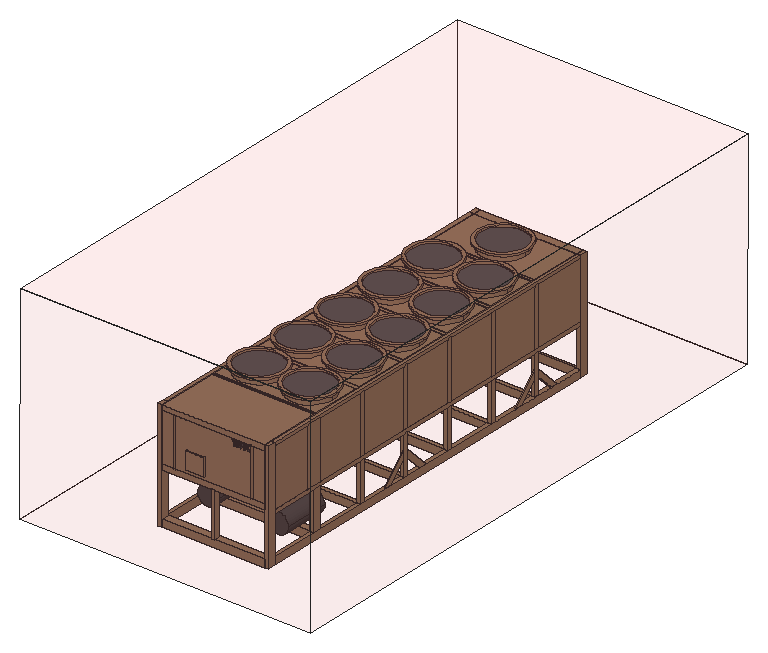
Revit family
Parameters (values of type "207 Ton - E - 200V/60Hz/3Ph")
  Width = 88 1/8"
  Water Supply Connection Offset Return _ On Center = 88 5/8"
  Water Return Connection Offset Front _ On Center = 112 5/16"
  Water Connection Offset Left = 28 1/8"
  Right Side Connections [instance] = not(Left Side Connections)  # no
  Refrigerant Used = "R-134A"
  Power Factor = 0.8  # constant formula
  Optional Sound Panels [instance] = no
  Number of Fans = 11
  Number of Compressors = 2  # constant formula
  Number of Circuits = 2  # constant formula
  Minimum Design Evaporator Flow = 0 GPM
  Maximum Design Evaporator Flow = 748 GPM
  Left Side Connections [instance] = yes
  Leaving Chilled Water Temperature [instance] = -459.67 °F
  Frame Finish = Paint - JCI - Powder - Brown
  Family Revision Date = "06/01/2010"  # constant formula
  Evaporator Water Connection Radius = Evaporator Water Connection Diameter / 2  # 5"
  Water Outlet Description = "Water Supply Connector"  # constant formula
  Water Inlet Description = "Water Return Connector"  # constant formula
  Water Connection Offset Bottom _ On Center = 20 3/8"
  Voltage = 0 V
  URL = "http://www.johnsoncontrols.com/publish/us/en.html"
  Twelve Fan Visibility = Refrigerant Charge System Two > 200.00 lbf  # no
  Total Cooling Capacity [instance] = 0.0 ton
  System Two Compressor One Running Load Current = 0 A
  System One Compressor One Running Load Current = 0 A
  Serial Number [instance] = ""
  Refrigerant Charge System Two = 192.00 lbf
  Refrigerant Charge System One = 225.00 lbf
  Product Page URL = "http://www.johnsoncontrols.com/publish/us/en/products/building_efficiency/integrated_hvac_systems/Industrial___Commercial_HVAC_Equipment/chiller_products/screw__air-cooled0.html"
  Product Documentation Link = "http://www.johnsoncontrols.com/publish/etc/medialib/jci/be/integrated_hvac_systems/hvac_equipment/chiller_products/aircooledscrew.Par.53612.File.dat/EngineeringGuide20123.pdf"
  Outdoor Ambient Temperature [instance] = -459.67 °F
  OmniClass Title = "Rotary-Screw Water Chillers"  # constant formula
  OmniClass Number = "23.75.10.24.21.21.21"  # constant formula
  Number of Poles = 3
  Nominal Cooling Capacity = 267.0 ton
  Model = "YCIV0207EV"
  Minimum Circuit Current = 0 A
  Maximum Overcurrent Protection = 0 A
  Manufacturer = "Johnson Controls, Inc."  # constant formula
  Length = 318"
  Keynote = "15700"
  Integrated Part Load Value = 0
  Height = 93 15/16"
  Frequency = 60 Hz  # constant formula
  Frame Material = Metal - York - Galvanized Steel
  Frame Height = Height - 6"  # 87 15/16"
  Fan Guard Material = Plastic - York - PVC - Coated
  Evaporator Water Volume = 110.0 gal
  Evaporator Water Connection Diameter = 10"
  Evaporator Radius = Water Connection Offset Bottom _ On Center - 6"  # 14 3/8"
  Evaporator Pressure Drop [instance] = 0.00 psi
  Evaporator Offset Left = Width / 2 - Water Connection Offset Left  # 15 15/16"
  Evaporator Material = Metal - York - Steel
  Evaporator Length = 110"  # constant formula
  Evaporator Angle [instance] = if(Left Side Connections, 0.00°, 180.00°)  # 0.00°
  Energy Efficiency Rating = 0
  Eleven Fan Visibility = Refrigerant Charge System Two < 200.00 lbf  # yes
  Electrical Connection Description = "Electrical Supply Connection"  # constant formula
  Description = "Air-Cooled Screw Compressor Liquid Chiller"  # constant formula
  Copyright © = "Copyright © 2001-2009 Johnson Controls"  # constant formula
  Control KVA = 1.8 kVA  # 1800 VA
  Connection Angle [instance] = if(Left Side Connections, 180.00°, 0.00°)  # 180.00°
  Condenser Fins per Inch = 17  # constant formula
  Condenser Fan Full Load Current = 0 A
  Condenser Coil Row Count = 3  # constant formula
  Compressor Power [instance] = 0 kVA
  Compressor Material = Metal - York - Steel - Black Coated
  Clearance Visible [instance] = yes
  Clearance Offset Top = 72"  # constant formula
  Clearance Offset Right = 72"  # constant formula
  Clearance Offset Left = 72"  # constant formula
  Clearance Offset Front = 48"  # constant formula
  Clearance Offset Bottom = 0"  # constant formula
  Clearance Offset Back = 72"  # constant formula
  Assembly Code = "D3030100"
  Apparent Load = 1800 VA
  Actual Evaporator Supply Flow [instance] = 0 GPM
  Actual Evaporator Return Flow [instance] = 0 GPM
Reference planes (in)
  plane 1 "Center (Front/Back)": y = -5
  plane 2 "Bottom": z = 0
  plane 3 "Center (Left/Right)": x = -3.09675
  plane 4 "Left": x = -47.15925
  plane 5 "Right": x = 40.96575
  plane 6 "Back": y = 154
  plane 7 "Front": y = -164
  plane 8 "Top": z = 93.9375
  plane 9 "Fan Row One": y = -92.48125
  plane 10 "Fan Row Two": y = -48.8125
  plane 11 "Fan Row Three": y = -5.15625
  plane 12 "Fan Row Four": y = 38.5
  plane 13 "Fan Column One": x = -23.628
  plane 14 "Fan Column Two": x = 17.4345
  plane 15 "Logo Inset": x = 18.4345
  plane 16 "Logo Elevation": z = 82.9375
  plane 17 "Frame Floor": z = 6
  plane 18 "Water In Depth": y = -51.6875
  plane 19 "Water Out Depth": y = 36.9375
  plane 20 "Water Connectors Inside Depth": x = -19.03425
  plane 21 "Water Connection Height": z = 20.375
  plane 22 "Compressors": y = -98
  plane 23 "Fan Row Five": y = 82.15625
  plane 24 "Fan Row Six": y = 125.8125
  plane 25 "Frame Top": z = 87.9375
  plane 26 "Middle Frame": z = 37
  plane 27 "Front Frame Middle": z = 41.3125
  plane 28 "Top Frame Bottom": z = 83.9375
Forms (in)
  Revolve 1, void
    sketch origin (0, 36.9375, 0) x (-1, 0, 0) y (0, 0, 1)
      loop
        line (19.03425, 20.375) -> (17.78425, 20.375) -> (17.78425, 18.625) -> (19.03425, 18.625) -> (19.03425, 20.375)
      axis (17.78425, 20.375) -> (19.03425, 20.375)
    angle from 0 to 360
  Revolve 2, void
    sketch origin (0, -51.6875, 0) x (-1, 0, 0) y (0, 0, 1)
      loop
        line (19.03425, 20.375) -> (19.03425, 22.125) -> (17.78425, 22.125) -> (17.78425, 20.375) -> (19.03425, 20.375)
      axis (17.78425, 20.375) -> (19.03425, 20.375)
    angle from 0 to 360
Dimensions and locks (in)
  equal spacing: plane 4 "Left", plane 3 "Center (Left/Right)", plane 5 "Right"
  "Width": plane 4 "Left" to plane 5 "Right"
  equal spacing: plane 6 "Back", plane 1 "Center (Front/Back)", plane 7 "Front"
  "Length": plane 6 "Back" to plane 7 "Front"
  "Height": plane 8 "Top" to plane 2 "Bottom"
  locked: plane 7 "Front" to plane 9 "Fan Row One" at 71.51875
  locked: plane 9 "Fan Row One" to plane 10 "Fan Row Two" at 43.66875
  locked: plane 10 "Fan Row Two" to plane 11 "Fan Row Three" at 43.65625
  locked: plane 11 "Fan Row Three" to plane 12 "Fan Row Four" at 43.65625
  locked: plane 14 "Fan Column Two" to plane 5 "Right" at 23.53125
  locked: plane 4 "Left" to plane 13 "Fan Column One" at 23.53125
  locked: plane 8 "Top" to plane 16 "Logo Elevation" at 11
  locked: plane 17 "Frame Floor" to plane 2 "Bottom" at 6
  "Water Return Connection Offset Front _ On Center": plane 18 "Water In Depth" to plane 7 "Front"
  "Water Supply Connection Offset Return _ On Center": plane 19 "Water Out Depth" to plane 18 "Water In Depth"
  "Water Connection Offset Left": plane 4 "Left" to plane 20 "Water Connectors Inside Depth"
  "Water Connection Offset Bottom _ On Center": plane 21 "Water Connection Height" to plane 2 "Bottom"
  locked: plane 7 "Front" to plane 22 "Compressors" at 66
  locked: plane 12 "Fan Row Four" to plane 23 "Fan Row Five" at 43.65625
  locked: plane 23 "Fan Row Five" to plane 24 "Fan Row Six" at 43.65625
  locked: plane 15 "Logo Inset" to plane 5 "Right" at 22.53125
  "Frame Height": plane 25 "Frame Top" to plane 2 "Bottom"
  "Evaporator Offset Left": Revolve 1 sketch curve to Revolve 1 sketch curve
  locked: Revolve 1 sketch curve to Revolve 1 sketch curve at 1.25
  locked: Revolve 1 sketch curve to Revolve 1 sketch curve at 1.75
  locked: Revolve 2 sketch curve to Revolve 2 sketch curve at 1.25
  locked: Revolve 2 sketch curve to Revolve 2 sketch curve at 1.75
  "Evaporator Angle": angle nested 10 to plane 21 "Water Connection Height"
  "Connection Angle": angle plane 21 "Water Connection Height" to Revolve 1 sketch curve
  locked: Revolve 1 sketch curve to Revolve 1 sketch curve (angle 90.00°)  (x4)
  "Connection Angle": angle plane 21 "Water Connection Height" to Revolve 2 sketch curve
  locked: Revolve 2 sketch curve to Revolve 2 sketch curve (angle 90.00°)  (x4)
  aligned and locked: nested 1 to plane 13 "Fan Column One"
  aligned and locked: nested 1 to plane 9 "Fan Row One"
  aligned and locked: nested 2 to plane 9 "Fan Row One"
  aligned and locked: nested 2 to plane 14 "Fan Column Two"
  aligned and locked: nested 8 to plane 12 "Fan Row Four"
  aligned and locked: nested 7 to plane 12 "Fan Row Four"
  aligned and locked: nested 6 to plane 11 "Fan Row Three"
  aligned and locked: nested 5 to plane 11 "Fan Row Three"
  aligned and locked: nested 3 to plane 10 "Fan Row Two"
  aligned and locked: nested 4 to plane 10 "Fan Row Two"
  aligned and locked: nested 8 to plane 14 "Fan Column Two"
  aligned and locked: nested 5 to plane 14 "Fan Column Two"
  aligned and locked: nested 4 to plane 14 "Fan Column Two"
  aligned and locked: nested 7 to plane 13 "Fan Column One"
  aligned and locked: nested 6 to plane 13 "Fan Column One"
  aligned and locked: nested 3 to plane 13 "Fan Column One"
  aligned and locked: plane 16 "Logo Elevation" to nested 9
  aligned and locked: plane 7 "Front" to nested 9
  aligned and locked: nested 9 to plane 15 "Logo Inset"
  aligned and locked: nested 10 to plane 18 "Water In Depth"
  aligned and locked: nested 10 to plane 3 "Center (Left/Right)"
  aligned and locked: plane 17 "Frame Floor" to nested 11
  aligned and locked: plane 17 "Frame Floor" to nested 12
  aligned and locked: nested 11 to plane 22 "Compressors"
  aligned and locked: nested 12 to plane 22 "Compressors"
  aligned and locked: plane 14 "Fan Column Two" to nested 12
  aligned and locked: plane 13 "Fan Column One" to nested 11
  aligned and locked: nested 13 to plane 23 "Fan Row Five"
  aligned and locked: nested 13 to plane 13 "Fan Column One"
  aligned and locked: nested 14 to plane 23 "Fan Row Five"
  aligned and locked: nested 14 to plane 14 "Fan Column Two"
  aligned and locked: nested 15 to plane 24 "Fan Row Six"
  aligned and locked: plane 6 "Back" to nested 16
  aligned and locked: plane 4 "Left" to nested 16
  aligned and locked: plane 17 "Frame Floor" to nested 16
  aligned and locked: plane 3 "Center (Left/Right)" to nested 15
  aligned and locked: nested 17 to plane 6 "Back"
  aligned and locked: nested 17 to plane 4 "Left"
  aligned and locked: plane 2 "Bottom" to nested 18
  aligned and locked: nested 18 to plane 4 "Left"
  aligned and locked: plane 19 "Water Out Depth" to nested 19
  aligned and locked: plane 3 "Center (Left/Right)" to nested 19
  aligned and locked: plane 8 "Top" to nested 2
  aligned and locked: plane 8 "Top" to nested 1
  aligned and locked: plane 8 "Top" to nested 4
  aligned and locked: plane 8 "Top" to nested 3
  aligned and locked: plane 8 "Top" to nested 5
  aligned and locked: plane 8 "Top" to nested 6
  aligned and locked: plane 8 "Top" to nested 8
  aligned and locked: plane 8 "Top" to nested 7
  aligned and locked: plane 8 "Top" to nested 14
  aligned and locked: plane 8 "Top" to nested 13
  aligned and locked: plane 8 "Top" to nested 15
  aligned and locked: plane 8 "Top" to nested 21
  aligned and locked: nested 21 to plane 24 "Fan Row Six"
  aligned and locked: plane 8 "Top" to nested 20
  aligned and locked: nested 20 to plane 24 "Fan Row Six"
  aligned and locked: nested 21 to plane 14 "Fan Column Two"
  aligned and locked: nested 20 to plane 13 "Fan Column One"
  aligned and locked: nested 22 to plane 1 "Center (Front/Back)"
  aligned and locked: nested 22 to plane 3 "Center (Left/Right)"
  aligned and locked: nested 22 to plane 2 "Bottom"
  aligned and locked: plane 21 "Water Connection Height" to nested 10
  aligned and locked: plane 3 "Center (Left/Right)" to Revolve 1 sketch curve
  aligned and locked: plane 21 "Water Connection Height" to Revolve 1 sketch curve
  aligned and locked: plane 21 "Water Connection Height" to Revolve 2 sketch curve
  aligned and locked: plane 3 "Center (Left/Right)" to Revolve 2 sketch curve
  aligned and locked: Revolve 2 sketch curve to Revolve 2 sketch curve
  aligned and locked: nested 23 to plane 2 "Bottom"
  aligned and locked: nested 23 to plane 3 "Center (Left/Right)"
  aligned and locked: plane 6 "Back" to nested 24
  aligned and locked: nested 24 to plane 3 "Center (Left/Right)"
  aligned and locked: plane 3 "Center (Left/Right)" to nested 25
  aligned and locked: nested 25 to plane 19 "Water Out Depth"
  aligned and locked: nested 25 to plane 21 "Water Connection Height"
Automatic sketch dimensions
  Revolve 1 sketch curve to plane 21 "Water Connection Height" = 0"
  Revolve 1 sketch curve to Revolve 1 sketch curve = 0"
  Revolve 2 sketch curve to plane 21 "Water Connection Height" = 0"
Nested families (in)
  nested 1: "Fan_Guard-York-YCIV" at (-23.628, -92.48125, 87.9375), type "Fan Guard"
  nested 2: "Fan_Guard-York-YCIV" at (17.4345, -92.48125, 87.9375), type "Fan Guard"
  nested 3: "Fan_Guard-York-YCIV" at (-23.628, -48.8125, 87.9375), type "Fan Guard"
  nested 4: "Fan_Guard-York-YCIV" at (17.4345, -48.8125, 87.9375), type "Fan Guard"
  nested 5: "Fan_Guard-York-YCIV" at (17.4345, -5.15625, 87.9375), type "Fan Guard"
  nested 6: "Fan_Guard-York-YCIV" at (-23.628, -5.15625, 87.9375), type "Fan Guard"
  nested 7: "Fan_Guard-York-YCIV" at (-23.628, 38.5, 87.9375), type "Fan Guard"
  nested 8: "Fan_Guard-York-YCIV" at (17.4345, 38.5, 87.9375), type "Fan Guard"
  nested 9: "Logo-York-YCAV Lettering" at (18.4345, -164.25, 78.9375), type "Logo"
  nested 10: "Evaporator-York-Small" at (-3.09675, -7.375, 20.375) x (-1, 0, 0) z (0, 0, 1), type "Evaporator"
    with Width 88 5/8", Water Pipe Radius 5", Water Connection Offset Right 15 15/16", Length 110", Evaporator Radius 14 3/8"
  nested 11: "Compressor-York-Screw" at (-31.628, -116, 6), type "Compressor"
  nested 12: "Compressor-York-Screw" at (25.4345, -116, 6), type "Compressor"
  nested 13: "Fan_Guard-York-YCIV" at (-23.628, 82.15625, 87.9375), type "Fan Guard"
  nested 14: "Fan_Guard-York-YCIV" at (17.4345, 82.15625, 87.9375), type "Fan Guard"
  nested 15: "Fan_Guard-York-YCIV" at (-3.09675, 125.8125, 87.9375), visible <- "Eleven Fan Visibility", type "Fan Guard"
  nested 16: "Box_Frame-York-YCIV-6_Row" at (-3.09675, -5, 0), type "6 Row Box"
    with Sound Option no
  nested 17: "Liquid Chiller, Direct Expansion Plan View" at (-40.62702, 5.59431, 0), visible <- "Left Side Connections", type "Liquid Chiller, Direct Expansion"
    with Width 318", Water In Pipe Gap 112 5/16", Pipe Gap 88 5/8", Arrow Width 13.5375", Arrow Length 40.6125", Arrow Height 3.38438", Arrow Depth 20.30625"
  nested 18: "Liquid Chiller, Direct Expansion Right View" at (-33.23038, -5, 29.96931) x (1, 0, 0) z (0, -1, 0), visible <- "Left Side Connections", type "Liquid Chiller, Direct Expansion Right View"
    with Pipe Height 20 3/8", Pipe Depth 44 1/16", Height 87 15/16", Depth 88 1/8", Arrow Width 4.40156", Arrow Length 17.60625", Arrow Height 1.10039", Arrow Depth 8.80313"
  nested 19: "Liquid Chiller, Direct Expansion 3_D" at (-25.128, -7.375, 0) x (0, -1, 0) z (0, 0, 1), visible <- "Left Side Connections", type "Liquid Chiller, Direct Expansion 3_D"
    with Width 88 5/8", Right Pipe Elevation 20 3/8", Left Pipe Elevation 20 3/8", Depth 44 1/16"
  nested 20: "Fan_Guard-York-YCIV" at (-23.628, 125.8125, 87.9375), visible <- "Twelve Fan Visibility", type "Fan Guard"
  nested 21: "Fan_Guard-York-YCIV" at (17.4345, 125.8125, 87.9375), visible <- "Twelve Fan Visibility", type "Fan Guard"
  nested 22: "Include Clearance" at (-3.09675, -5, 0), visible <- "Clearance Visible", type "Include Clearance"
    with Width 88 1/8", Height 93 15/16", Depth 318", Clearance Top 72", Clearance Right 72", Clearance Left 72", Clearance Front 48", Clearance Bottom 0", Clearance Back 72"
  nested 23: "Liquid Chiller, Direct Expansion Right View" at (27.03689, -5, 29.96931) x (-1, 0, 0) z (0, -1, 0), visible <- "Right Side Connections", type "Liquid Chiller, Direct Expansion Right View"
    with Pipe Height 20 3/8", Pipe Depth 44 1/16", Height 87 15/16", Depth 88 1/8", Arrow Width 4.40156", Arrow Length 17.60625", Arrow Height 1.10039", Arrow Depth 8.80313"
  nested 24: "Liquid Chiller, Direct Expansion Plan View" at (34.43353, 5.59431, 0) x (-1, 0, 0) z (0, 0, 1), visible <- "Right Side Connections", type "Liquid Chiller, Direct Expansion"
    with Width 318", Water In Pipe Gap 112 5/16", Pipe Gap 88 5/8", Arrow Width 13.5375", Arrow Length 40.6125", Arrow Height 3.38438", Arrow Depth 20.30625"
  nested 25: "Liquid Chiller, Direct Expansion 3_D" at (18.9345, -7.375, 0) x (0, -1, 0) z (0, 0, 1), visible <- "Right Side Connections", type "Liquid Chiller, Direct Expansion 3_D"
    with Width 88 5/8", Right Pipe Elevation 20 3/8", Left Pipe Elevation 20 3/8", Depth 44 1/16"
Connectors (in)
  electrical at (-14.0625, -165, 55.3125), driven by "Power Factor", driven by "Voltage", driven by "Number of Poles", driven by "Electrical Connection Description", driven by "Apparent Load"
    settings: on nested 16, index 3
  piping at (-19.03425, 36.9375, 20.375), driven by "Actual Evaporator Supply Flow", driven by "Evaporator Pressure Drop", driven by "Evaporator Water Connection Radius", driven by "Water Outlet Description"
    settings: on Revolve 1, index 4
  piping at (-19.03425, -51.6875, 20.375), driven by "Actual Evaporator Return Flow", driven by "Evaporator Water Connection Radius", driven by "Water Inlet Description"
    settings: on Revolve 2, index 5
Definition of nested family "Fan_Guard-York-YCIV"
  Parameters (values of type "Fan Guard")
    Width = 40 11/16"  # constant formula
    Model = "York YCIV Fan Guard"  # constant formula
    Manufacturer = "York"  # constant formula
    Box Frame Material = Metal - York - Galvanized Steel
    Assembly Code = ""
  Reference planes (in)
    plane 1 "Center (Front/Back)": y = 0
    plane 2 "Fan Guard Bottom": z = 0
    plane 3 "Center (Left/Right)": x = 0
    plane 4 "Fan Guard Top": z = 4.6875
    plane 5 "Fan Rim Top": z = 6
    plane 6 "Front": y = -20.34375
    plane 7 "Back": y = 20.34375
    plane 8 "Back Inset": y = 17.90625
    plane 9 "Front Inset": y = -17.9
    plane 10 "Left": x = -20.34375
    plane 11 "Right Inset": x = 17.89844
    plane 12 "Right": x = 20.34375
    plane 13 "Left Inset": x = -17.89844
  Forms (in)
    Sweep 1, solid, material "Metal - York - Galvanized Steel" <- "Box Frame Material", detail levels fine
      path origin (0, 0, 0) x (1, 0, 0) y (0, 0, 1)
        loop
          line (0, 0) -> (0, 4.6875)
      profile origin (0, 0, 2.34375) x (-1, 0, 0) y (0, -1, 0)
        loop
          circle (0, 0) r 17.90625
    Sweep 2, solid, material "Metal - York - Galvanized Steel" <- "Box Frame Material", detail levels fine
      path origin (0, 0, 0) x (1, 0, 0) y (0, 0, 1)
        loop
          line (0, 4.6875) -> (0, 6)
      profile origin (0, 0, 5.34375) x (-1, 0, 0) y (0, -1, 0)
        loop
          circle (0, 0) r 20.25
        loop
          circle (0, 0) r 17.90625
  Lines and regions (in)
    Masking region 1, detail levels fine
      outline origin (0, 0, 0) x (1, 0, 0) y (0, 0, 1)
        loop
          line (20.34375, 6) -> (-20.34375, 6) -> (-20.34375, 4.6875) -> (20.34375, 4.6875) -> (20.34375, 6)
    Masking region 2, detail levels medium+fine
      outline origin (0, 0, 0) x (1, 0, 0) y (0, 0, 1)
        loop
          line (17.89844, 4.6875) -> (-17.89844, 4.6875) -> (-17.89844, 0) -> (17.89844, 0) -> (17.89844, 4.6875)
    Masking region 3, detail levels fine
      outline origin (0, 0, 0) x (0, 1, 0) y (0, 0, 1)
        loop
          line (20.34375, 6) -> (-20.34375, 6) -> (-20.34375, 4.6875) -> (20.34375, 4.6875) -> (20.34375, 6)
    Masking region 4, detail levels medium+fine
      outline origin (0, 0, 0) x (0, 1, 0) y (0, 0, 1)
        loop
          line (17.90625, 4.6875) -> (-17.9, 4.6875) -> (-17.9, 0) -> (17.90625, 0) -> (17.90625, 4.6875)
    symbolic lines, style "Fan Guard Medium", detail levels medium+fine
      curve 1: circle (0, 0, 0) r 20.25 normal (0, 0, 1)
    symbolic lines, style "Fan Guard Fine", detail levels fine
      curve 2: circle (0, 0, 0) r 18 normal (0, 0, 1)
    model lines, style "Fan Guard Fine", detail levels medium
      curve 3: circle (0, 0, 4.6875) r 17.90625 normal (0, 0, 1)
      curve 4: circle (0, 0, 0) r 17.90625 normal (0, 0, 1)
  Dimensions and locks (in)
    locked: plane 5 "Fan Rim Top" to plane 2 "Fan Guard Bottom" at 6
    locked: plane 5 "Fan Rim Top" to plane 4 "Fan Guard Top" at 1.3125
    equal spacing: plane 6 "Front", plane 1 "Center (Front/Back)", plane 7 "Back"
    "Width": plane 6 "Front" to plane 7 "Back"
    equal spacing: plane 10 "Left", plane 3 "Center (Left/Right)", plane 12 "Right"
    "Width": plane 10 "Left" to plane 12 "Right"
    locked: plane 6 "Front" to plane 9 "Front Inset" at 2.44375
    locked: plane 8 "Back Inset" to plane 7 "Back" at 2.4375
    locked: plane 10 "Left" to plane 13 "Left Inset" at 2.44531
    locked: plane 11 "Right Inset" to plane 12 "Right" at 2.44531
    locked: plane 1 "Center (Front/Back)" to Sweep 1 sketch curve at 17.90625
    locked: plane 3 "Center (Left/Right)" to Sweep 1 sketch curve at 17.90625
    locked: plane 1 "Center (Front/Back)" to Sweep 2 sketch curve at 17.90625
    locked: plane 3 "Center (Left/Right)" to Sweep 2 sketch curve at 17.90625
    locked: plane 3 "Center (Left/Right)" to Sweep 2 sketch curve at 20.25
    locked: Sweep 2 sketch curve to plane 1 "Center (Front/Back)" at 20.25
    locked: plane 1 "Center (Front/Back)" to curve 2 at 18
    locked: plane 3 "Center (Left/Right)" to curve 2 at 18
    locked: curve 1 to plane 1 "Center (Front/Back)" at 20.25
    locked: curve 1 to plane 3 "Center (Left/Right)" at 20.25
    plane 1 "Center (Front/Back)" to curve 3 = 17 29/32"
    plane 3 "Center (Left/Right)" to curve 3 = 17 29/32"
    radius of curve 3 = 17 29/32"
    aligned and locked: Masking region 2 to plane 2 "Fan Guard Bottom"
    aligned and locked: plane 4 "Fan Guard Top" to Sweep 1
    aligned and locked: plane 4 "Fan Guard Top" to Sweep 1 sketch curve
    aligned and locked: plane 2 "Fan Guard Bottom" to Sweep 1 sketch curve
    aligned and locked: plane 4 "Fan Guard Top" to Masking region 4 sketch curve
    aligned and locked: plane 9 "Front Inset" to Masking region 4 sketch curve
    aligned and locked: Masking region 4 sketch curve to plane 8 "Back Inset"
    aligned and locked: Masking region 4 sketch curve to plane 2 "Fan Guard Bottom"
    aligned and locked: plane 6 "Front" to Masking region 3 sketch curve
    aligned and locked: Masking region 3 sketch curve to plane 4 "Fan Guard Top"
    aligned and locked: plane 5 "Fan Rim Top" to Masking region 3 sketch curve
    aligned and locked: Masking region 3 sketch curve to plane 7 "Back"
    aligned and locked: Masking region 2 sketch curve to plane 2 "Fan Guard Bottom"
    aligned and locked: plane 5 "Fan Rim Top" to Masking region 1 sketch curve
    aligned and locked: Masking region 1 sketch curve to plane 12 "Right"
    aligned and locked: plane 5 "Fan Rim Top" to Sweep 2 sketch curve
    aligned and locked: plane 4 "Fan Guard Top" to Sweep 2 sketch curve
    aligned and locked: plane 3 "Center (Left/Right)" to Sweep 2 sketch curve
    aligned and locked: plane 13 "Left Inset" to Masking region 2 sketch curve
    aligned and locked: Masking region 2 sketch curve to plane 11 "Right Inset"
    aligned and locked: plane 10 "Left" to Masking region 1 sketch curve
    aligned and locked: Masking region 1 sketch curve to plane 4 "Fan Guard Top"
    aligned and locked: curve 4 to Sweep 2
    aligned and locked: curve 3 to Sweep 2
    aligned and locked: plane 4 "Fan Guard Top" to Masking region 2
  Automatic sketch dimensions
    Sweep 1 sketch curve to plane 3 "Center (Left/Right)" = 0"
    plane 4 "Fan Guard Top" to Masking region 2 sketch curve = 0"
    Sweep 1 sketch curve to plane 1 "Center (Front/Back)" = 0"
    Sweep 2 sketch curve to Sweep 2 sketch curve = 0"
    Sweep 2 sketch curve to profile plane = 0"
    curve 1 to curve 2 = 0"
    curve 2 to plane 3 "Center (Left/Right)" = 0"
Definition of nested family "Logo-York-YCAV Lettering"
  Parameters (values of type "Logo")
    Model = "York Logo"  # constant formula
    Manufacturer = "York"  # constant formula
    Lettering Finish = Paint - York - Black
    Assembly Code = ""
  Reference planes (in)
    plane 1 "Center (Front/Back)": y = 0
    plane 2 "Lettering Bottom": z = 0
    plane 3 "Center (Left/Right)": x = 0
    plane 4 "Lettering Top": z = 4
    plane 5 "R Left": x = 0.25
    plane 6 "R Outside Right Leg": x = 3.75
    plane 7 "Left K": x = 4
    plane 8 "Right": x = 7.5
    plane 9 "R Left Inside": x = 1
    plane 10 "Y Top Point Right Outside": x = -2.98185
    plane 11 "Y Top Point Right Inside": x = -3.76815
    plane 12 "Left": x = -6.52542
    plane 13 "Back": y = 0.25
    plane 14 "Top Point of Y Left": x = -5.75
    plane 15 "Y Center": x = -4.75
    plane 16 "Y Left": x = -5.125
    plane 17 "Y Right": x = -4.375
    plane 18 "O Center": x = -1.75
    plane 19 "Y Top V": z = 2.57185
    plane 20 "R Right Inside Points": x = 2.68153
    plane 21 "R Right Inside Points Top": x = 2.75
    plane 22 "R Right Leg Inside": x = 3
    plane 23: x = 3.46911
    plane 24 "K Left Inside": x = 4.75
    plane 25 "Bottom K Point": x = 5.30549
    plane 26 "Right K Inside Point": x = 5.91136
    plane 27 "Top K Inside Point": x = 6.375
    plane 28 "Bottom K Inside Point": x = 6.58116
    plane 29 "Bottom of Inside R": z = 2.375
    plane 30 "Top of Bottom R": z = 1.625
    plane 31 "Left Point of Bottom K": z = 1.25
    plane 32 "Top Point of Bottom K": z = 1.82185
    plane 33 "Y Outside Edge Point": z = 2
    plane 34 "Top of R Inside": z = 3.25
  Forms (in)
    Extrusion 1, solid, material "Paint - York - Black" <- "Lettering Finish", detail levels fine
      sketch origin (1, 0, 0) x (1, 0, 0) y (0, 0, 1)
        loop
          line (-7.52542, 4) -> (-6.125, 2) -> (-6.125, 0) -> (-5.375, 0) -> (-5.375, 2) -> (-4, 4) -> (-4.76815, 4) -> (-5.75, 2.57185) -> (-6.75, 4) -> (-7.52542, 4)
      from 0 to -0.25
    Extrusion 2, solid, material "Paint - York - Black" <- "Lettering Finish", detail levels fine
      sketch origin (0.25, 0, 0) x (1, 0, 0) y (0, 0, 1)
        loop
          spline (-2, 0) -> (-1.54707, 0.06815) -> (-1.125, 0.26795) -> (-0.76256, 0.58579) -> (-0.48446, 1) -> (-0.30963, 1.48236) -> (-0.25, 2) -> (-0.30963, 2.51764) -> (-0.48446, 3) -> (-0.76256, 3.41421) -> (-1.125, 3.73205) -> (-1.54707, 3.93185) -> (-2, 4)
          spline (-2, 4) -> (-2.45293, 3.93185) -> (-2.875, 3.73205) -> (-3.23744, 3.41421) -> (-3.51554, 3) -> (-3.69037, 2.51764) -> (-3.75, 2) -> (-3.69037, 1.48236) -> (-3.51554, 1) -> (-3.23744, 0.58579) -> (-2.875, 0.26795) -> (-2.45293, 0.06815) -> (-2, 0)
        loop
          spline (-2, 3.25) -> (-2.25882, 3.20741) -> (-2.5, 3.08253) -> (-2.70711, 2.88388) -> (-2.86603, 2.625) -> (-2.96593, 2.32352) -> (-3, 2) -> (-2.96593, 1.67648) -> (-2.86603, 1.375) -> (-2.70711, 1.11612) -> (-2.5, 0.91747) -> (-2.25882, 0.79259) -> (-2, 0.75)
          spline (-2, 0.75) -> (-1.74118, 0.79259) -> (-1.5, 0.91747) -> (-1.29289, 1.11612) -> (-1.13397, 1.375) -> (-1.03407, 1.67648) -> (-1, 2) -> (-1.03407, 2.32352) -> (-1.13397, 2.625) -> (-1.29289, 2.88388) -> (-1.5, 3.08253) -> (-1.74118, 3.20741) -> (-2, 3.25)
      from 0 to -0.25
    Extrusion 3, solid, material "Paint - York - Black" <- "Lettering Finish", detail levels fine
      sketch origin (0, 0, 0) x (1, 0, 0) y (0, 0, 1)
        loop
          line (0.25, 4) -> (0.25, 0) -> (1, 0) -> (1, 1.625) -> (2.68153, 1.625)
          arc (2.68153, 1.625) -> (2.91791, 1.21558) -> (3, 0.75) r 1.36126
          line (3, 0.75) -> (3, 0) -> (3.75, 0) -> (3.75, 0.62628)
          arc (3.75, 0.62628) -> (3.71558, 1.33482) -> (3.46911, 2) r 2.32493
          arc (3.46911, 2) -> (3.71541, 3.11279) -> (3, 4) r 1.31499
          line (3, 4) -> (0.25, 4)
        loop
          line (2.75, 3.25) -> (1, 3.25) -> (1, 2.375) -> (2.75, 2.375)
          arc (2.75, 2.375) -> (2.98166, 2.8125) -> (2.75, 3.25) r 0.52895
      from 0 to -0.25
    Extrusion 4, solid, material "Paint - York - Black" <- "Lettering Finish", detail levels fine
      sketch origin (0, 0, 0) x (1, 0, 0) y (0, 0, 1)
        loop
          line (4, 4) -> (4, 0) -> (4.75, 0) -> (4.75, 1.25) -> (5.31223, 1.81223) -> (6.58116, 0) -> (7.5, 0) -> (5.875, 2.375) -> (7.5, 4) -> (6.375, 4) -> (4.75, 2.375) -> (4.75, 4) -> (4, 4)
      from 0 to -0.25
  Dimensions and locks (in)
    locked: plane 13 "Back" to plane 1 "Center (Front/Back)" at 0.25
    locked: plane 4 "Lettering Top" to plane 2 "Lettering Bottom" at 4
    locked: plane 1 "Center (Front/Back)" to plane 13 "Back" at 0.25
    locked: Extrusion 2 sketch curve to plane 18 "O Center" at 1.75
    locked: plane 33 "Y Outside Edge Point" to Extrusion 2 sketch curve at 2
    locked: Extrusion 2 sketch curve to plane 18 "O Center" at 1
    locked: plane 33 "Y Outside Edge Point" to Extrusion 2 sketch curve at 1.25
    aligned and locked: plane 13 "Back" to Extrusion 1
    aligned and locked: plane 13 "Back" to Extrusion 2
    aligned and locked: plane 13 "Back" to Extrusion 3
    aligned and locked: plane 13 "Back" to Extrusion 4
    aligned and locked: plane 4 "Lettering Top" to Extrusion 1
    aligned and locked: level to plane 2 "Lettering Bottom"
    aligned and locked: Extrusion 1 sketch curve to plane 4 "Lettering Top"  (x2)
    aligned and locked: plane 2 "Lettering Bottom" to Extrusion 1 sketch curve
    aligned and locked: plane 19 "Y Top V" to Extrusion 1 sketch curve  (x2)
    aligned and locked: plane 15 "Y Center" to Extrusion 1 sketch curve  (x2)
    aligned and locked: plane 14 "Top Point of Y Left" to Extrusion 1 sketch curve
    aligned and locked: plane 11 "Y Top Point Right Inside" to Extrusion 1 sketch curve  (x2)
    aligned and locked: plane 4 "Lettering Top" to Extrusion 1 sketch curve  (x2)
    aligned and locked: plane 17 "Y Right" to Extrusion 1 sketch curve
    aligned and locked: Extrusion 1 sketch curve to plane 17 "Y Right"
    aligned and locked: plane 16 "Y Left" to Extrusion 1 sketch curve  (x2)
    aligned and locked: plane 33 "Y Outside Edge Point" to Extrusion 1 sketch curve  (x2)
    aligned and locked: plane 5 "R Left" to Extrusion 3 sketch curve
    aligned and locked: plane 4 "Lettering Top" to Extrusion 3 sketch curve
    aligned and locked: Extrusion 3 sketch curve to plane 29 "Bottom of Inside R"
    aligned and locked: Extrusion 3 sketch curve to plane 30 "Top of Bottom R"
    aligned and locked: Extrusion 3 sketch curve to plane 2 "Lettering Bottom"  (x2)
    aligned and locked: plane 9 "R Left Inside" to Extrusion 3 sketch curve
    aligned and locked: Extrusion 3 sketch curve to plane 22 "R Right Leg Inside"
    aligned and locked: Extrusion 3 sketch curve to plane 6 "R Outside Right Leg"
    aligned and locked: plane 23 to Extrusion 3 sketch curve  (x2)
    aligned and locked: plane 33 "Y Outside Edge Point" to Extrusion 3 sketch curve  (x2)
    aligned and locked: plane 21 "R Right Inside Points Top" to Extrusion 3 sketch curve  (x4)
    aligned and locked: Extrusion 3 sketch curve to plane 9 "R Left Inside"
    aligned and locked: Extrusion 4 sketch curve to plane 4 "Lettering Top"  (x2)
    aligned and locked: Extrusion 4 sketch curve to plane 7 "Left K"
    aligned and locked: plane 24 "K Left Inside" to Extrusion 4 sketch curve  (x4)
    aligned and locked: plane 2 "Lettering Bottom" to Extrusion 4 sketch curve  (x2)
    aligned and locked: plane 8 "Right" to Extrusion 4 sketch curve  (x2)
    aligned and locked: Extrusion 4 sketch curve to Extrusion 4 sketch curve  (x3)
    aligned and locked: plane 31 "Left Point of Bottom K" to Extrusion 4 sketch curve
    aligned and locked: plane 27 "Top K Inside Point" to Extrusion 4 sketch curve  (x2)
    aligned and locked: plane 28 "Bottom K Inside Point" to Extrusion 4 sketch curve
Definition of nested family "Evaporator-York-Small"
  Parameters (values of type "Evaporator")
    Width = 72"
    Water Pipe Radius = 3"
    Water Connection Offset Right = 12"
    Model = "YCIV Evaporator"  # constant formula
    Manufacturer = "York"  # constant formula
    Length = 96"
    Evaporator Radius = 8"
    Cylinder Material = Paint - York - Black
    Assembly Code = ""
  Reference planes (in)
    plane 1 "Center (Front/Back)": y = 0
    plane 2 "Middle": z = 0
    plane 3 "Center (Left/Right)": x = 0
    plane 4 "Evaporator Back": y = 48
    plane 5 "Evaporator Front": y = -48
    plane 6 "Back Connector": y = 36
    plane 7 "Front Connector": y = -36
    plane 8 "Left": x = -8
    plane 9 "Right": x = 8
    plane 10 "Top": z = 8
    plane 11 "Bottom": z = -8
    plane 12 "Connection Offset": x = 12
    plane 13 "Front Connector Back": y = -33
    plane 14 "Front Connector Front": y = -39
    plane 15 "Back Connector Back": y = 39
    plane 16 "Back Connector Front": y = 33
  Forms (in)
    Sweep 1, solid, material "Paint - York - Black" <- "Cylinder Material", detail levels fine
      path origin (0, 0, 0) x (1, 0, 0) y (0, 1, 0)
        loop
          line (0, -48) -> (0, 48)
      profile origin (0, 0, 0) x (-1, 0, 0) y (0, 0, 1)
        loop
          circle (0, 0) r 8
    Sweep 2, solid, material "Paint - York - Black" <- "Cylinder Material", detail levels fine
      path origin (0, 0, 0) x (1, 0, 0) y (0, 1, 0)
        loop
          line (0, 36) -> (12, 36)
      profile origin (6, 36, 0) x (0, 1, 0) y (0, 0, 1)
        loop
          circle (0, 0) r 3
    Sweep 3, solid, material "Paint - York - Black" <- "Cylinder Material", detail levels fine
      path origin (0, 0, 0) x (1, 0, 0) y (0, 1, 0)
        loop
          line (0, -36) -> (12, -36)
      profile origin (6, -36, 0) x (0, 1, 0) y (0, 0, 1)
        loop
          circle (0, 0) r 3
  Lines and regions (in)
    Masking region 1
      outline origin (0, 0, 0) x (1, 0, 0) y (0, 0, 1)
        loop
          arc (7.4162, 3) -> (-8, 0) -> (7.4162, -3) r 8
          line (7.4162, -3) -> (12, -3) -> (12, 3) -> (7.4162, 3)
    Masking region 2
      outline origin (0, 0, 0) x (0, 1, 0) y (0, 0, 1)
        loop
          line (48, 8) -> (-48, 8) -> (-48, -8) -> (48, -8) -> (48, 8)
    model lines, style "Evaporator Coarse", detail levels medium
      curve 1: circle (0, -48, 0) r 8 normal (0, 1, 0)
      curve 2: circle (0, 48, 0) r 8 normal (0, 1, 0)
      curve 3: line (0, -48, -8) -> (0, 48, -8)
      curve 4: line (0, 48, 8) -> (0, -48, 8)
      curve 5: line (-8, 48, 0) -> (-8, -48, 0)
      curve 6: line (8, 48, 0) -> (8, -48, 0)
      curve 7: line (12, 33, 0) -> (0, 33, 0)
      curve 8: line (0, -39, 0) -> (12, -39, 0)
      curve 9: circle (12, -36, 0) r 3 normal (-1, 0, 0)
      curve 10: circle (12, 36, 0) r 3 normal (-1, 0, 0)
      curve 26: line (0, -33, 0) -> (12, -33, 0)
      curve 27: line (0, 39, 0) -> (12, 39, 0)
    symbolic lines, style "Evaporator Coarse"
      curve 11: arc (5.80243, 48, -5.50743) -> (7.99728, 48, 0.2086) -> (5.50743, 48, 5.80243) r 8
    symbolic lines, style "Evaporator Medium"
      curve 12: circle (12, 36, 0) r 3 normal (-1, 0, 0)
      curve 13: circle (12, -36, 0) r 3 normal (-1, 0, 0)
    symbolic lines, style "MechanicalEquipmentHiddenLines"
      curve 14: line (-8, -48, 0) -> (-8, 48, 0)
      curve 15: line (-8, 48, 0) -> (8, 48, 0)
      curve 16: line (8, 48, 0) -> (8, 39, 0)
      curve 17: line (12, 39, 0) -> (12, 33, 0)
      curve 18: line (12, 33, 0) -> (8, 33, 0)
      curve 19: line (8, 33, 0) -> (8, -33, 0)
      curve 20: line (8, -33, 0) -> (12, -33, 0)
      curve 21: line (12, -33, 0) -> (12, -39, 0)
      curve 22: line (12, -39, 0) -> (8, -39, 0)
      curve 23: line (8, -39, 0) -> (8, -48, 0)
      curve 24: line (8, -48, 0) -> (-8, -48, 0)
      curve 25: line (8, 39, 0) -> (12, 39, 0)
  Dimensions and locks (in)
    equal spacing: plane 4 "Evaporator Back", plane 1 "Center (Front/Back)", plane 5 "Evaporator Front"
    "Length": plane 4 "Evaporator Back" to plane 5 "Evaporator Front"
    equal spacing: plane 8 "Left", plane 3 "Center (Left/Right)", plane 9 "Right"
    "Water Pipe Radius": Sweep 2 sketch curve to profile plane
    "Water Pipe Radius": Sweep 3 sketch curve to profile plane
    "Water Connection Offset Right": plane 3 "Center (Left/Right)" to plane 12 "Connection Offset"
    "Width": plane 7 "Front Connector" to plane 6 "Back Connector"
    equal spacing: plane 7 "Front Connector", plane 1 "Center (Front/Back)", plane 6 "Back Connector"
    "Evaporator Radius": Sweep 1 sketch curve to profile plane
    equal spacing: plane 10 "Top", plane 2 "Middle", plane 11 "Bottom"
    "Evaporator Radius": plane 10 "Top" to plane 2 "Middle"
    "Evaporator Radius": plane 9 "Right" to plane 3 "Center (Left/Right)"
    "Water Pipe Radius": Masking region 1 sketch curve to plane 2 "Middle"
    "Water Pipe Radius": plane 2 "Middle" to Masking region 1 sketch curve
    "Water Pipe Radius": plane 6 "Back Connector" to plane 16 "Back Connector Front"
    "Water Pipe Radius": plane 15 "Back Connector Back" to plane 6 "Back Connector"
    "Water Pipe Radius": plane 13 "Front Connector Back" to plane 7 "Front Connector"
    "Water Pipe Radius": plane 7 "Front Connector" to plane 14 "Front Connector Front"
    locked: curve 11 to curve 11 (angle 90.00°)
    aligned and locked: plane 3 "Center (Left/Right)" to Sweep 1 sketch curve
    aligned and locked: plane 2 "Middle" to Sweep 1
    aligned and locked: plane 2 "Middle" to level
    aligned and locked: Masking region 1 sketch curve to Sweep 1
    aligned and locked: Sweep 1 to Masking region 2 sketch curve
    aligned and locked: Masking region 2 sketch curve to Sweep 1
    aligned and locked: curve 1 to Sweep 1
    aligned and locked: curve 2 to Sweep 1
    aligned and locked: plane 3 "Center (Left/Right)" to curve 3
    aligned and locked: curve 4 to plane 3 "Center (Left/Right)"
    aligned and locked: curve 5 to plane 2 "Middle"
    aligned and locked: curve 6 to plane 2 "Middle"
    aligned and locked: Sweep 2 sketch curve to plane 6 "Back Connector"
    aligned and locked: Sweep 3 sketch curve to plane 7 "Front Connector"
    aligned and locked: plane 3 "Center (Left/Right)" to Sweep 2
    aligned and locked: plane 3 "Center (Left/Right)" to Sweep 3
    aligned and locked: curve 9 to Sweep 3
    aligned and locked: curve 10 to Sweep 2
    aligned and locked: plane 12 "Connection Offset" to Masking region 1 sketch curve
    aligned and locked: curve 11 to Sweep 1
    aligned and locked: curve 12 to Sweep 2
    aligned and locked: curve 13 to Sweep 3
    aligned and locked: curve 14 to plane 8 "Left"
    aligned and locked: curve 15 to plane 4 "Evaporator Back"
    aligned and locked: plane 9 "Right" to curve 16
    aligned and locked: plane 9 "Right" to curve 19
    aligned and locked: plane 5 "Evaporator Front" to curve 24
    aligned and locked: plane 9 "Right" to curve 23
    aligned and locked: plane 4 "Evaporator Back" to curve 5
    aligned and locked: plane 4 "Evaporator Back" to curve 6
    aligned and locked: plane 4 "Evaporator Back" to curve 3
    aligned and locked: plane 4 "Evaporator Back" to curve 4
    aligned and locked: plane 3 "Center (Left/Right)" to curve 7
    aligned and locked: plane 12 "Connection Offset" to curve 7
    aligned and locked: plane 5 "Evaporator Front" to curve 5
    aligned and locked: plane 5 "Evaporator Front" to curve 6
    aligned and locked: plane 5 "Evaporator Front" to curve 3
    aligned and locked: plane 5 "Evaporator Front" to curve 4
    aligned and locked: plane 3 "Center (Left/Right)" to curve 8
    aligned and locked: plane 12 "Connection Offset" to curve 8
    aligned and locked: plane 10 "Top" to Masking region 2 sketch curve
    aligned and locked: Masking region 2 sketch curve to plane 11 "Bottom"
    aligned and locked: plane 14 "Front Connector Front" to curve 22
    aligned and locked: plane 16 "Back Connector Front" to curve 7
    aligned and locked: plane 3 "Center (Left/Right)" to curve 27
    aligned and locked: plane 3 "Center (Left/Right)" to curve 26
    aligned and locked: plane 12 "Connection Offset" to curve 27
    aligned and locked: plane 12 "Connection Offset" to curve 26
    aligned and locked: curve 26 to plane 13 "Front Connector Back"
    aligned and locked: curve 27 to plane 15 "Back Connector Back"
  Automatic sketch dimensions
    Sweep 1 sketch curve to plane 5 "Evaporator Front" = 0"
    Sweep 1 sketch curve to plane 4 "Evaporator Back" = 0"
    Sweep 1 sketch curve to level = 0"
    Sweep 1 sketch curve to profile plane = 0"
    Sweep 2 sketch curve to plane 2 "Middle" = 0"
    Sweep 2 sketch curve to profile plane = 0"
    Sweep 3 sketch curve to plane 2 "Middle" = 0"
    Sweep 3 sketch curve to profile plane = 0"
    Sweep 2 sketch curve to plane 3 "Center (Left/Right)" = 0"
    Sweep 2 sketch curve to plane 12 "Connection Offset" = 0"
    Sweep 3 sketch curve to plane 3 "Center (Left/Right)" = 0"
    Sweep 3 sketch curve to plane 12 "Connection Offset" = 0"
    plane 4 "Evaporator Back" to curve 5 = 0"
    curve 5 to plane 5 "Evaporator Front" = 0"
    curve 6 to plane 4 "Evaporator Back" = 0"
    curve 6 to plane 5 "Evaporator Front" = 0"
    plane 9 "Right" to curve 11 = 2.19757"
Definition of nested family "Compressor-York-Screw"
  Parameters (values of type "Compressor")
    Width = Compressor Radius * 2  # 16"
    Model = "Screw Compressor"  # constant formula
    Manufacturer = "York"  # constant formula
    Length = 36"
    Cylinder Material = none
    Compressor Radius = 8"
    Assembly Code = ""
  Reference planes (in)
    plane 1 "Center (Front/Back)": y = 0
    plane 2 "Compressor Bottom": z = 0
    plane 3 "Center (Left/Right)": x = 0
    plane 4 "Compressor Top": z = 16
    plane 5 "Left": x = -8
    plane 6 "Right": x = 8
    plane 7 "Front": y = -18
    plane 8 "Back": y = 18
    plane 9 "Center": z = 8
  Forms (in)
    Extrusion 1, solid, material <- "Cylinder Material", detail levels fine
      sketch origin (0, 0, 0) x (1, 0, 0) y (0, 0, 1)
        loop
          circle (0, 8) r 8
      from -18 to 18
  Lines and regions (in)
    Masking region 1, detail levels fine
      outline origin (0, 0, 0) x (1, 0, 0) y (0, 0, 1)
        loop
          circle (0, 8) r 8
    Masking region 2, detail levels fine
      outline origin (0, 0, 0) x (0, 1, 0) y (0, 0, 1)
        loop
          line (-18, 16) -> (-18, 0) -> (18, 0) -> (18, 16) -> (-18, 16)
    model lines, style "Compressor Fine", detail levels medium
      curve 1: line (0, -18, 16) -> (0, 18, 16)
      curve 2: line (0, -18, 0) -> (0, 18, 0)
      curve 3: line (-8, -18, 8) -> (-8, 18, 8)
      curve 4: line (8, -18, 8) -> (8, 18, 8)
      curve 5: circle (0, 18, 8) r 8 normal (0, -1, 0)
      curve 6: circle (0, -18, 8) r 8 normal (0, -1, 0)
  Dimensions and locks (in)
    equal spacing: plane 5 "Left", plane 3 "Center (Left/Right)", plane 6 "Right"
    "Width": plane 5 "Left" to plane 6 "Right"
    "Width": plane 4 "Compressor Top" to plane 2 "Compressor Bottom"
    equal spacing: plane 7 "Front", plane 1 "Center (Front/Back)", plane 8 "Back"
    "Length": plane 7 "Front" to plane 8 "Back"
    equal spacing: plane 4 "Compressor Top", plane 9 "Center", plane 2 "Compressor Bottom"
    "Compressor Radius": Extrusion 1 sketch curve to plane 9 "Center"
    "Compressor Radius": Extrusion 1 sketch curve to plane 3 "Center (Left/Right)"
    "Compressor Radius": Masking region 1 sketch curve to plane 9 "Center"
    "Compressor Radius": Masking region 1 sketch curve to plane 3 "Center (Left/Right)"
    "Compressor Radius": curve 5 to plane 9 "Center"
    "Compressor Radius": curve 5 to plane 3 "Center (Left/Right)"
    "Compressor Radius": plane 9 "Center" to curve 6
    "Compressor Radius": plane 3 "Center (Left/Right)" to curve 6
    "Compressor Radius": radius of curve 6
    "Compressor Radius": radius of curve 5
    aligned and locked: plane 7 "Front" to Extrusion 1
    aligned and locked: Extrusion 1 to plane 8 "Back"
    aligned and locked: plane 2 "Compressor Bottom" to Masking region 2 sketch curve
    aligned and locked: plane 8 "Back" to Masking region 2 sketch curve
    aligned and locked: Masking region 2 sketch curve to plane 7 "Front"
    aligned and locked: Masking region 2 sketch curve to plane 4 "Compressor Top"
    aligned and locked: plane 7 "Front" to curve 1
    aligned and locked: plane 8 "Back" to curve 1
    aligned and locked: curve 1 to plane 4 "Compressor Top"
    aligned and locked: plane 8 "Back" to curve 2
    aligned and locked: plane 7 "Front" to curve 2
    aligned and locked: curve 2 to plane 2 "Compressor Bottom"
    aligned and locked: plane 7 "Front" to curve 3
    aligned and locked: plane 8 "Back" to curve 3
    aligned and locked: curve 3 to plane 9 "Center"
    aligned and locked: plane 8 "Back" to curve 4
    aligned and locked: plane 7 "Front" to curve 4
    aligned and locked: curve 4 to plane 9 "Center"
    aligned and locked: plane 3 "Center (Left/Right)" to curve 1
    aligned and locked: plane 9 "Center" to curve 3
  Automatic sketch dimensions
    Extrusion 1 sketch curve to plane 3 "Center (Left/Right)" = 0"
    Masking region 1 sketch curve to plane 3 "Center (Left/Right)" = 0"
Definition of nested family "Box_Frame-York-YCIV-6_Row"
  Parameters (values of type "6 Row Box")
    Width = 88 1/8"
    Sound Option = yes
    Model = "Adjustable Fan Box Frame"  # constant formula
    Manufacturer = "York"  # constant formula
    Length = 318"
    Height = 87 15/16"
    Condenser Coil Material = Metal - York - Aluminum
    Box Frame Material = Metal - York - Galvanized Steel
    Assembly Code = ""
  Reference planes (in)
    plane 1 "Center (Front/Back)": y = 0
    plane 2 "Box Bottom": z = 0
    plane 3 "Center (Left/Right)": x = 0
    plane 4 "Box Back": y = 159
    plane 5 "Box Front": y = -159
    plane 6 "Box Left": x = -44.0625
    plane 7 "Box Right": x = 44.0625
    plane 8 "Box Top": z = 87.9375
    plane 9 "Box Inset Left": x = -41.0625
    plane 10 "Box Inset Right": x = 41.0625
    plane 11 "Box Back Inset": y = 153
    plane 12 "Box Front Inset": y = -153
    plane 13 "Middle Bar Top": z = 40
    plane 14 "Middle Bar Bottom": z = 37
    plane 15 "Top Inset": z = 85.9375
    plane 16 "Box Bottom Inset": z = 6
    plane 17 "Column One Middle": y = -109.075
    plane 18 "Column Three Middle": y = -21.7125
    plane 19 "Column Four Middle": y = 21.9625
    plane 20 "Column Five Middle": y = 65.6375
    plane 21 "Column Five Front": y = 64.1375
    plane 22 "Column Five Back": y = 67.1375
    plane 23 "Column Four Front": y = 20.4625
    plane 24 "Column Four Back": y = 23.4625
    plane 25 "Column Three Front": y = -23.2125
    plane 26 "Column Three Back": y = -20.2125
    plane 27 "Column One Back": y = -107.575
    plane 28 "Top Column Front": y = -119.57737
    plane 29 "Front Bar Top": z = 45.3125
    plane 30 "Front Bar Bottom": z = 41.3125
    plane 31 "Access Panel Center": x = -14.0625
    plane 32 "Access Panel Bottom": z = 48.3125
    plane 33 "Access Panel Top": z = 62.3125
    plane 34 "Access Panel Left": x = -21.0625
    plane 35 "Access Panel Right": x = -7.0625
    plane 36 "Panel Front": y = -155
    plane 37 "Access Panel Front": y = -160
    plane 38 "Control Panel Right": x = 30
    plane 39 "Control Panel Left": x = -30
    plane 40 "Back Frame Inset": y = 155
    plane 41 "Bar Left of Control Panel": x = -32
    plane 42 "Bar Right of Control Panel": x = 32
    plane 43 "Front Bar Left": x = -1
    plane 44 "Front Bar Right": x = 1
    plane 45 "Side Framing Extra": y = -93.575
    plane 46 "Angle Support Top": z = 25
    plane 47 "Angle Support Inside Bottom": z = 19
    plane 48 "Angle Support Two Front": y = -7.2125
    plane 49 "Angle Support Two Back": y = -1.2125
    plane 50 "Angle Support One Back": y = -36.2125
    plane 51 "Angle Support One Front": y = -42.2125
    plane 52 "Angle Support Right": x = 43.0625
    plane 53 "Angle Support Left": x = -43.0625
    plane 54 "Column One Front": y = -113.575
    plane 55 "Top Front Inset": z = 83.9375
    plane 56 "Column Six Middle": y = 109.325
    plane 57 "Column Six Front": y = 107.825
    plane 58 "Column Six Back": y = 110.825
    plane 59 "Angle Support Three Back": y = 94.825
    plane 60 "Angle Support Three Front": y = 88.825
    plane 61 "Angle Support Four Front": y = 123.825
    plane 62 "Angle Support Four Back": y = 129.825
    plane 63 "Column Two Middle": y = -65.4
    plane 64 "Column Two Front": y = -66.9
    plane 65 "Column Two Back": y = -63.9
  Forms (in)
    Extrusion 1, solid, material "Metal - York - Galvanized Steel" <- "Box Frame Material", detail levels fine
      sketch origin (0, -160, 0) x (-1, 0, 0) y (0, 0, -1)
        loop
          line (21.0625, -62.3125) -> (21.0625, -48.3125) -> (7.0625, -48.3125) -> (7.0625, -62.3125) -> (21.0625, -62.3125)
      from 0 to -1
    Extrusion 2, solid, material "Metal - York - Galvanized Steel" <- "Box Frame Material", detail levels fine
      sketch origin (0, -159, 0) x (-1, 0, 0) y (0, 0, -1)
        loop
          line (30, -83.9375) -> (30, -45.3125) -> (-30, -45.3125) -> (-30, -83.9375) -> (30, -83.9375)
      from 0 to -4
    Extrusion 3, solid, material "Metal - York - Galvanized Steel" <- "Box Frame Material", detail levels fine
      sketch origin (0, -159, 0) x (-1, 0, 0) y (0, 0, -1)
        loop
          line (41.0625, -45.3125) -> (41.0625, -41.3125) -> (-41.0625, -41.3125) -> (-41.0625, -45.3125) -> (41.0625, -45.3125)
      from 0 to -4
    Extrusion 4, solid, material "Metal - York - Galvanized Steel" <- "Box Frame Material", detail levels fine
      sketch origin (0, -155, 0) x (-1, 0, 0) y (0, 0, -1)
        loop
          line (41.0625, -83.9375) -> (41.0625, -45.3125) -> (-41.0625, -45.3125) -> (-41.0625, -83.9375) -> (41.0625, -83.9375)
      from 0 to -2
    Extrusion 5, solid, material "Metal - York - Galvanized Steel" <- "Box Frame Material", detail levels fine
      sketch origin (0, 0, 45.3125) x (-1, 0, 0) y (0, -1, 0)
        loop
          line (44.0625, 153) -> (44.0625, 159) -> (41.0625, 159) -> (41.0625, 153) -> (44.0625, 153)
        loop
          line (-41.0625, 153) -> (-41.0625, 159) -> (-44.0625, 159) -> (-44.0625, 153) -> (-41.0625, 153)
        loop
          line (-41.0625, -159) -> (-41.0625, -153) -> (-44.0625, -153) -> (-44.0625, -159) -> (-41.0625, -159)
        loop
          line (44.0625, -159) -> (44.0625, -153) -> (41.0625, -153) -> (41.0625, -159) -> (44.0625, -159)
      from -45.3125 to 42.625
    Extrusion 6, solid, material "Metal - York - Galvanized Steel" <- "Box Frame Material", detail levels fine
      sketch origin (41.0625, 0, 0) x (0, -1, 0) y (0, 0, 1)
        loop
          line (159, 6) -> (153, 6) -> (153, 0) -> (159, 0) -> (159, 6)
        loop
          line (113.575, 6) -> (107.575, 6) -> (107.575, 0) -> (113.575, 0) -> (113.575, 6)
        loop
          line (23.2125, 6) -> (20.2125, 6) -> (20.2125, 0) -> (23.2125, 0) -> (23.2125, 6)
        loop
          line (-20.4625, 6) -> (-23.4625, 6) -> (-23.4625, 0) -> (-20.4625, 0) -> (-20.4625, 6)
        loop
          line (-64.1375, 6) -> (-67.1375, 6) -> (-67.1375, 0) -> (-64.1375, 0) -> (-64.1375, 6)
        loop
          line (-153, 6) -> (-155, 6) -> (-155, 0) -> (-153, 0) -> (-153, 6)
        loop
          line (-107.825, 6) -> (-110.825, 6) -> (-110.825, 0) -> (-107.825, 0) -> (-107.825, 6)
        loop
          line (66.9, 6) -> (63.9, 6) -> (63.9, 0) -> (66.9, 0) -> (66.9, 6)
      from 0 to 82.125
    Extrusion 7, solid, material "Metal - York - Galvanized Steel" <- "Box Frame Material", detail levels fine
      sketch origin (0, 0, 0) x (1, 0, 0) y (0, 0, 1)
        loop
          line (41.0625, 87.9375) -> (41.0625, 85.9375) -> (44.0625, 85.9375) -> (44.0625, 87.9375) -> (41.0625, 87.9375)
        loop
          line (-44.0625, 87.9375) -> (-44.0625, 85.9375) -> (-41.0625, 85.9375) -> (-41.0625, 87.9375) -> (-44.0625, 87.9375)
      from -153 to 153
    Extrusion 8, solid, material "Metal - York - Galvanized Steel" <- "Box Frame Material", detail levels fine
      sketch origin (0, 0, 0) x (1, 0, 0) y (0, 0, 1)
        loop
          line (41.0625, 40) -> (41.0625, 37) -> (44.0625, 37) -> (44.0625, 40) -> (41.0625, 40)
        loop
          line (41.0625, 6) -> (41.0625, 0) -> (44.0625, 0) -> (44.0625, 6) -> (41.0625, 6)
        loop
          line (-44.0625, 6) -> (-44.0625, 0) -> (-41.0625, 0) -> (-41.0625, 6) -> (-44.0625, 6)
        loop
          line (-44.0625, 40) -> (-44.0625, 37) -> (-41.0625, 37) -> (-41.0625, 40) -> (-44.0625, 40)
      from -153 to 153
    Extrusion 9, solid, material "Metal - York - Galvanized Steel" <- "Box Frame Material", detail levels fine
      sketch origin (41.0625, 0, 0) x (0, -1, 0) y (0, 0, 1)
        loop
          line (-159, 87.9375) -> (-159, 85.9375) -> (-153, 85.9375) -> (-153, 87.9375) -> (-159, 87.9375)
        loop
          line (-159, 40) -> (-159, 37) -> (-153, 37) -> (-153, 40) -> (-159, 40)
      from 0 to 82.125
    Extrusion 10, solid, material "Metal - York - Galvanized Steel" <- "Box Frame Material", detail levels fine
      sketch origin (0, 0, 37) x (-1, 0, 0) y (0, -1, 0)
        loop
          line (44.0625, -67.1375) -> (44.0625, -64.1375) -> (41.0625, -64.1375) -> (41.0625, -67.1375) -> (44.0625, -67.1375)
        loop
          line (44.0625, -23.4625) -> (44.0625, -20.4625) -> (41.0625, -20.4625) -> (41.0625, -23.4625) -> (44.0625, -23.4625)
        loop
          line (44.0625, 20.2125) -> (44.0625, 23.2125) -> (41.0625, 23.2125) -> (41.0625, 20.2125) -> (44.0625, 20.2125)
        loop
          line (44.0625, 107.575) -> (44.0625, 113.575) -> (41.0625, 113.575) -> (41.0625, 107.575) -> (44.0625, 107.575)
        loop
          line (-41.0625, 107.575) -> (-41.0625, 113.575) -> (-44.0625, 113.575) -> (-44.0625, 107.575) -> (-41.0625, 107.575)
        loop
          line (-41.0625, 20.2125) -> (-41.0625, 23.2125) -> (-44.0625, 23.2125) -> (-44.0625, 20.2125) -> (-41.0625, 20.2125)
        loop
          line (-41.0625, -23.4625) -> (-41.0625, -20.4625) -> (-44.0625, -20.4625) -> (-44.0625, -23.4625) -> (-41.0625, -23.4625)
        loop
          line (-41.0625, -67.1375) -> (-41.0625, -64.1375) -> (-44.0625, -64.1375) -> (-44.0625, -67.1375) -> (-41.0625, -67.1375)
        loop
          line (44.0625, -110.825) -> (44.0625, -107.825) -> (41.0625, -107.825) -> (41.0625, -110.825) -> (44.0625, -110.825)
        loop
          line (-41.0625, -110.825) -> (-41.0625, -107.825) -> (-44.0625, -107.825) -> (-44.0625, -110.825) -> (-41.0625, -110.825)
        loop
          line (44.0625, 63.9) -> (44.0625, 66.9) -> (41.0625, 66.9) -> (41.0625, 63.9) -> (44.0625, 63.9)
        loop
          line (-41.0625, 63.9) -> (-41.0625, 66.9) -> (-44.0625, 66.9) -> (-44.0625, 63.9) -> (-41.0625, 63.9)
      from -31 to 0
    Extrusion 11, solid, material "Metal - York - Galvanized Steel" <- "Box Frame Material", detail levels fine
      sketch origin (0, 0, 0) x (1, 0, 0) y (0, 0, 1)
        loop
          line (41.0625, 85.9375) -> (41.0625, 40) -> (44.0625, 40) -> (44.0625, 85.9375) -> (41.0625, 85.9375)
        loop
          line (-44.0625, 85.9375) -> (-44.0625, 40) -> (-41.0625, 40) -> (-41.0625, 85.9375) -> (-44.0625, 85.9375)
      from 119.57737 to 153
    Extrusion 12, solid, material "Metal - York - Galvanized Steel" <- "Box Frame Material", detail levels fine
      sketch origin (0, -109.075, 0) x (-1, 0, 0) y (0, 0, -1)
        loop
          line (41.0625, -87.9375) -> (41.0625, -83.9375) -> (-41.0625, -83.9375) -> (-41.0625, -87.9375) -> (41.0625, -87.9375)
      from 0 to 49.925
    Extrusion 13, solid, material "Metal - York - Aluminum" <- "Condenser Coil Material", detail levels fine
      sketch origin (0, 0, 37) x (-1, 0, 0) y (0, -1, 0)
        loop
          line (44.0625, 23.2125) -> (44.0625, 63.9) -> (41.0625, 63.9) -> (41.0625, 23.2125) -> (44.0625, 23.2125)
        loop
          line (-41.0625, 23.2125) -> (-41.0625, 63.9) -> (-44.0625, 63.9) -> (-44.0625, 23.2125) -> (-41.0625, 23.2125)
        loop
          line (-41.0625, -20.4625) -> (-41.0625, 20.2125) -> (-44.0625, 20.2125) -> (-44.0625, -20.4625) -> (-41.0625, -20.4625)
        loop
          line (44.0625, -20.4625) -> (44.0625, 20.2125) -> (41.0625, 20.2125) -> (41.0625, -20.4625) -> (44.0625, -20.4625)
        loop
          line (44.0625, -64.1375) -> (44.0625, -23.4625) -> (41.0625, -23.4625) -> (41.0625, -64.1375) -> (44.0625, -64.1375)
        loop
          line (44.0625, -107.825) -> (44.0625, -67.1375) -> (41.0625, -67.1375) -> (41.0625, -107.825) -> (44.0625, -107.825)
        loop
          line (-41.0625, -64.1375) -> (-41.0625, -23.4625) -> (-44.0625, -23.4625) -> (-44.0625, -64.1375) -> (-41.0625, -64.1375)
        loop
          line (-41.0625, -107.825) -> (-41.0625, -67.1375) -> (-44.0625, -67.1375) -> (-44.0625, -107.825) -> (-41.0625, -107.825)
        loop
          line (44.0625, -153) -> (44.0625, -110.825) -> (41.0625, -110.825) -> (41.0625, -153) -> (44.0625, -153)
        loop
          line (-41.0625, -153) -> (-41.0625, -110.825) -> (-44.0625, -110.825) -> (-44.0625, -153) -> (-41.0625, -153)
        loop
          line (44.0625, 66.9) -> (44.0625, 107.575) -> (41.0625, 107.575) -> (41.0625, 66.9) -> (44.0625, 66.9)
        loop
          line (-41.0625, 66.9) -> (-41.0625, 107.575) -> (-44.0625, 107.575) -> (-44.0625, 66.9) -> (-41.0625, 66.9)
      from 3 to 48.9375
    Extrusion 14, solid, material "Metal - York - Aluminum" <- "Condenser Coil Material", detail levels fine
      sketch origin (0, 0, 37) x (-1, 0, 0) y (0, -1, 0)
        loop
          line (44.0625, -67.1375) -> (44.0625, -64.1375) -> (41.0625, -64.1375) -> (41.0625, -67.1375) -> (44.0625, -67.1375)
        loop
          line (-41.0625, -67.1375) -> (-41.0625, -64.1375) -> (-44.0625, -64.1375) -> (-44.0625, -67.1375) -> (-41.0625, -67.1375)
        loop
          line (-41.0625, -23.4625) -> (-41.0625, -20.4625) -> (-44.0625, -20.4625) -> (-44.0625, -23.4625) -> (-41.0625, -23.4625)
        loop
          line (44.0625, -23.4625) -> (44.0625, -20.4625) -> (41.0625, -20.4625) -> (41.0625, -23.4625) -> (44.0625, -23.4625)
        loop
          line (44.0625, 20.2125) -> (44.0625, 23.2125) -> (41.0625, 23.2125) -> (41.0625, 20.2125) -> (44.0625, 20.2125)
        loop
          line (-41.0625, 20.2125) -> (-41.0625, 23.2125) -> (-44.0625, 23.2125) -> (-44.0625, 20.2125) -> (-41.0625, 20.2125)
        loop
          line (-41.0625, 107.575) -> (-41.0625, 119.57737) -> (-44.0625, 119.57737) -> (-44.0625, 107.575) -> (-41.0625, 107.575)
        loop
          line (44.0625, 107.575) -> (44.0625, 119.57737) -> (41.0625, 119.57737) -> (41.0625, 107.575) -> (44.0625, 107.575)
        loop
          line (44.0625, -110.825) -> (44.0625, -107.825) -> (41.0625, -107.825) -> (41.0625, -110.825) -> (44.0625, -110.825)
        loop
          line (-41.0625, -110.825) -> (-41.0625, -107.825) -> (-44.0625, -107.825) -> (-44.0625, -110.825) -> (-41.0625, -110.825)
        loop
          line (44.0625, 63.9) -> (44.0625, 66.9) -> (41.0625, 66.9) -> (41.0625, 63.9) -> (44.0625, 63.9)
        loop
          line (-41.0625, 63.9) -> (-41.0625, 66.9) -> (-44.0625, 66.9) -> (-44.0625, 63.9) -> (-41.0625, 63.9)
      from 3 to 48.9375
    Extrusion 15, solid, material "Metal - York - Aluminum" <- "Condenser Coil Material", detail levels fine
      sketch origin (0, 0, 0) x (0, 1, 0) y (0, 0, 1)
        loop
          line (-63.9, 87.9375) -> (-63.9, 85.9375) -> (-23.2125, 85.9375) -> (-23.2125, 87.9375) -> (-63.9, 87.9375)
        loop
          line (-20.2125, 87.9375) -> (-20.2125, 85.9375) -> (20.4625, 85.9375) -> (20.4625, 87.9375) -> (-20.2125, 87.9375)
        loop
          line (23.4625, 87.9375) -> (23.4625, 85.9375) -> (64.1375, 85.9375) -> (64.1375, 87.9375) -> (23.4625, 87.9375)
        loop
          line (67.1375, 87.9375) -> (67.1375, 85.9375) -> (107.825, 85.9375) -> (107.825, 87.9375) -> (67.1375, 87.9375)
        loop
          line (110.825, 87.9375) -> (110.825, 85.9375) -> (153, 85.9375) -> (153, 87.9375) -> (110.825, 87.9375)
        loop
          line (-107.575, 87.9375) -> (-107.575, 85.9375) -> (-66.9, 85.9375) -> (-66.9, 87.9375) -> (-107.575, 87.9375)
      from -41.0625 to 41.0625
